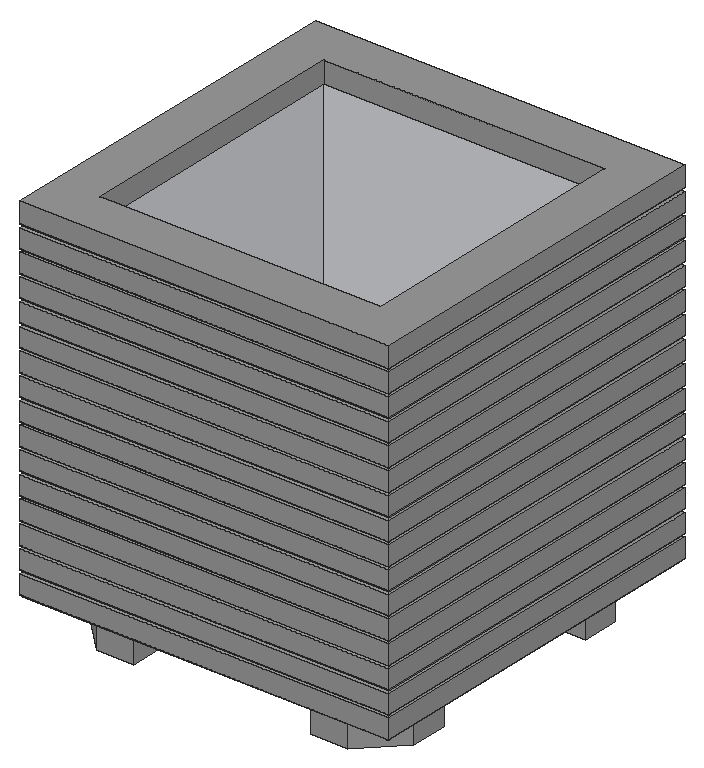
Revit family "цветочница «Мадрид» 500х500х530 мм Арт 12253", category Антураж, Revit 2018
Family settings
  На основе рабочей плоскости = Нет
  Всегда вертикально = Да
  При загрузке вырезать с полостями = Нет
  Источник визуального образа = Геометрия семейства
  Общий = Нет
  Точка расчета площади = Нет
Parameters (values of type "Стандарт")
  Ширина = 500 mm  # constant formula
  Цвет отделки = Дерево Тик
  Описание = "Цветочница «Мадрид» 500х500х530 мм"  # constant formula
  Материал изделия = "Сталь, дерево"  # constant formula
  Изображение типоразмера = Цветочница «Мадрид» 500х500х530 мм Арт 12253.png
  Изготовитель = "ООО «Хоббика»"  # constant formula
  Длина = 500 mm  # constant formula
  Группа модели = "Цветочница"  # constant formula
  Высота = 530 mm  # constant formula
  Артикул товара = "Арт. 12253"  # constant formula
  URL = "https://hobbyka.ru/product/tsvetochnitsa_madrid/"
Reference planes
  plane 1 "По центру (Вперед/Назад)": y = 0
  plane 2: z = 0
  plane 3 "По центру (Влево/Вправо)": x = 0
  plane 4: x = 500
  plane 5: y = 500
  plane 6: z = 530
Forms (mm)
  Extrusion 1, solid, material "Черный"
    sketch origin (0, 0, 0) x (1, 0, 0) y (0, 1, 0)
      loop
        line (80, 470) -> (30, 420) -> (30, 370) -> (130, 370) -> (130, 470) -> (80, 470)
      loop
        line (30, 80) -> (80, 30) -> (130, 30) -> (130, 130) -> (30, 130) -> (30, 80)
      loop
        line (420, 30) -> (470, 80) -> (470, 130) -> (370, 130) -> (370, 30) -> (420, 30)
      loop
        line (470, 420) -> (420, 470) -> (370, 470) -> (370, 370) -> (470, 370) -> (470, 420)
    from 0 to 50
  Sweep 2, solid, material "Дерево Тик" <- "Цвет отделки"
    path origin (0, 0, 0) x (1, 0, 0) y (0, 1, 0)
      loop
        line (0, 500) -> (0, 0) -> (500, 0) -> (500, 500) -> (0, 500)
    profile origin (250, 500, 0) x (0, 1, 0) y (0, 0, 1)
      loop
        line (-40, 50) -> (-2, 50) -> (0, 52) -> (0, 78) -> (-2, 80) -> (0, 82) -> (0, 108) -> (-2, 110) -> (0, 112) -> (0, 138) -> (-2, 140) -> (0, 142) -> (0, 168) -> (-2, 170) -> (0, 172) -> (0, 198) -> (-2, 200) -> (0, 202) -> (0, 228) -> (-2, 230) -> (0, 232) -> (0, 258) -> (-2, 260) -> (0, 262) -> (0, 288) -> (-2, 290) -> (0, 292) -> (0, 318) -> (-2, 320) -> (0, 322) -> (0, 348) -> (-2, 350) -> (0, 352) -> (0, 378) -> (-2, 380) -> (0, 382) -> (0, 408) -> (-2, 410) -> (0, 412) -> (0, 438) -> (-2, 440) -> (0, 442) -> (0, 468) -> (-2, 470) -> (0, 472) -> (0, 498) -> (-2, 500) -> (0, 502) -> (0, 530) -> (-60, 530) -> (-60, 500) -> (-40, 500) -> (-40, 50)
  Extrusion 3, solid
    sketch origin (0, 0, 0) x (1, 0, 0) y (0, 1, 0)
      loop
        line (40, 460) -> (40, 40) -> (460, 40) -> (460, 460) -> (40, 460)
    from 50 to 500
  Extrusion 4, void
    sketch origin (0, 0, 0) x (1, 0, 0) y (0, 1, 0)
      loop
        line (50, 450) -> (50, 50) -> (450, 50) -> (450, 450) -> (50, 450)
    from 60 to 500
Cuts and joins
  Extrusion 4 cuts Extrusion 1
  Extrusion 4 cuts Extrusion 3
Dimensions and locks
  "Длина": plane 5 to plane 1 "По центру (Вперед/Назад)"
  "Ширина": plane 3 "По центру (Влево/Вправо)" to plane 4
  "Высота": plane 6 to plane 2
  aligned and locked: level to plane 2
  aligned and locked: Sweep 2 sketch curve to plane 5
  aligned and locked: plane 3 "По центру (Влево/Вправо)" to Sweep 2 sketch curve
  aligned and locked: Sweep 2 sketch curve to plane 1 "По центру (Вперед/Назад)"
  aligned and locked: Sweep 2 sketch curve to plane 4
Automatic sketch dimensions
  plane 3 "По центру (Влево/Вправо)" to Extrusion 1 sketch curve = 80 mm  (x2)
  plane 3 "По центру (Влево/Вправо)" to Extrusion 1 sketch curve = 30 mm  (x2)
  Extrusion 1 sketch curve to plane 5 = 30 mm  (x2)
  Extrusion 1 sketch curve to Extrusion 1 sketch curve = 50 mm  (x8)
  Extrusion 1 sketch curve to plane 1 "По центру (Вперед/Назад)" = 30 mm  (x2)
  Extrusion 1 sketch curve to plane 4 = 130 mm  (x2)
  Extrusion 1 sketch curve to plane 4 = 30 mm  (x2)
  Extrusion 1 sketch curve to Extrusion 1 sketch curve = 100 mm
  Extrusion 1 sketch curve to plane 5 = 130 mm
  Extrusion 1 sketch curve to plane 1 "По центру (Вперед/Назад)" = 80 mm
  Extrusion 1 sketch curve to plane 5 = 80 mm
  profile plane to Sweep 2 sketch curve = 2 mm  (x16)
  profile plane to Sweep 2 sketch curve = 40 mm
  Sweep 2 sketch curve to Sweep 2 sketch curve = 20 mm
  level to Sweep 2 sketch curve = 50 mm
  Sweep 2 sketch curve to Sweep 2 sketch curve = 30 mm  (x16)
  Sweep 2 sketch curve to Sweep 2 sketch curve = 2 mm  (x16)
  Sweep 2 sketch curve to profile plane = 0 mm  (x16)
  Sweep 2 sketch curve to Sweep 2 sketch curve = 26 mm
  plane 3 "По центру (Влево/Вправо)" to Extrusion 3 sketch curve = 40 mm
  Extrusion 3 sketch curve to plane 4 = 40 mm
  Extrusion 3 sketch curve to plane 1 "По центру (Вперед/Назад)" = 40 mm
  Extrusion 3 sketch curve to plane 5 = 40 mm
  plane 3 "По центру (Влево/Вправо)" to Extrusion 4 sketch curve = 50 mm
  Extrusion 4 sketch curve to plane 4 = 50 mm
  Extrusion 4 sketch curve to plane 1 "По центру (Вперед/Назад)" = 50 mm
  Extrusion 4 sketch curve to plane 5 = 50 mm
